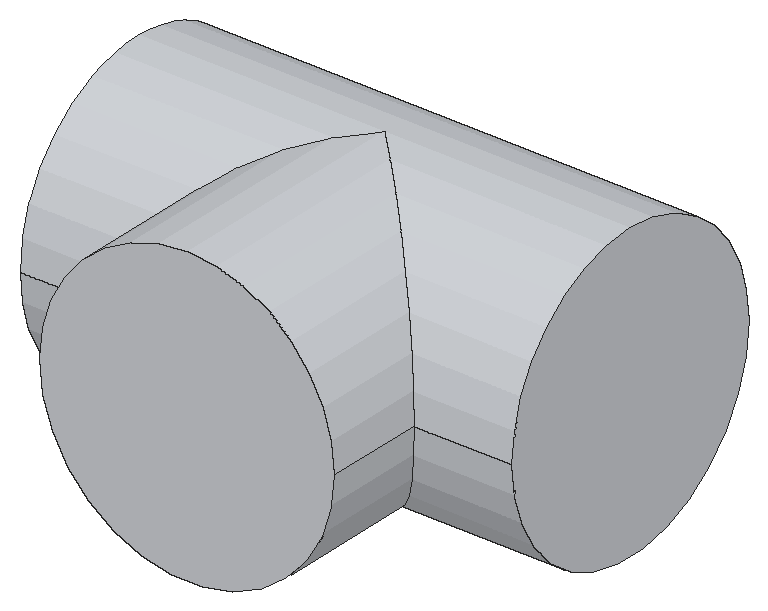
Revit family "15855e18c498454baba780d9d37511f9", category Pipe Fittings, Revit 2021
Family settings
  Round Connector Dimension = Use Radius
  Part Type = Tee
  OmniClass Number = 23.60.30.11.14
  OmniClass Title = Pipework Fittings
  Work Plane-Based = No
  Always vertical = Yes
  Cut with Voids When Loaded = No
  Shared = No
Parameters (values of type "Standard")
  Tick Size [instance] = Fitting Outside Diameter * 0.4  # 12.0000"
  Nominal Radius [instance] = 15.0000"
  Nominal Diameter [instance] = Nominal Radius * 2  # 30.0000"
  Loss Method = K Coefficient from Table
  Lookup Table Name = "Tee - BV - Stainless Steel - Fabricated"
  K Coefficient Table = "Tee"
  Fitting Outside Radius [instance] = Fitting Outside Diameter / 2  # 15.0000"
  Fitting Outside Diameter [instance] = size_lookup(Lookup Table Name, "FOD", Nominal Diameter, Nominal Diameter)  # 30.0000"
  Default Elevation = 0.00"
  Center to End Label [instance] = if(Center to End * tan(Angle 1 / 2) > Fitting Outside Radius, Center to End, Fitting Outside Radius / tan(Angle 1 / 2))  # 25.0000"
  Center to End [instance] = size_lookup(Lookup Table Name, "CtE", 0.63 * Nominal Diameter + 6.32", Nominal Diameter)  # 25.0000"
  Angle 1 [instance] = if(Angle > 90.00°, (180.00° - Angle), Angle)  # 90.00°
  Angle [instance] = 90.00°
Reference planes (in)
  plane 1 "Center (Front/Back)": y = 0
  plane 2: z = 0
  plane 3 "Center (Left/Right)": x = 0
  plane 4: x = -25
  plane 5: x = 25
  plane 6: y = -25
  plane 7: y = 12
  plane 8: y = -12
Forms (in)
  Extrusion 1, solid, detail levels fine
    sketch origin (0, 0, 0) x (0, 1, 0) y (0, 0, 1)
      loop
        circle (0, 0) r 15
    from -25 to 25
  Sweep 2, solid, detail levels fine
    path origin (0, 0, 0) x (1, 0, 0) y (0, 1, 0)
      loop
        line (0, 0) -> (0, -25)
    profile origin (0, -12.5, 0) x (1, 0, 0) y (0, 0, 1)
      loop
        circle (0, 0) r 15
Cuts and joins
  joined: Extrusion 1, Sweep 2
Lines and regions (in)
  model lines, detail levels coarse+medium
    curve 1: line (-25, 12, 0) -> (-25, -12, 0)
    curve 2: line (25, 12, 0) -> (25, -12, 0)
    curve 6: line (-12, -25, 0) -> (12, -25, 0)
  model lines, style "PipeFitting", detail levels coarse+medium
    curve 3: line (-25, 0, 0) -> (25, 0, 0)
    curve 5: line (0, 0, 0) -> (0, -25, 0)
  reference lines, not visible
    curve 4: line (0, 0, 0) -> (0, -25, 0)
Dimensions and locks (in)
  "Center to End Label": plane 4 to plane 3 "Center (Left/Right)"
  "Center to End Label": plane 3 "Center (Left/Right)" to plane 5
  "Center to End": plane 1 "Center (Front/Back)" to plane 6
  "Tick Size": plane 7 to plane 1 "Center (Front/Back)"
  "Tick Size": plane 8 to plane 1 "Center (Front/Back)"
  "Center to End Label": curve 4 to curve 4
  "Center to End Label": Sweep 2 sketch curve to Sweep 2 sketch curve
  "Center to End Label": curve 5 to curve 5
  "Tick Size": curve 4 to curve 6
  "Tick Size": curve 6 to curve 4
  "Fitting Outside Radius": radius of Extrusion 1 sketch curve
  "Fitting Outside Radius": radius of Sweep 2 sketch curve
  "Angle": angle curve 4 to plane 1 "Center (Front/Back)"
  "Angle": angle Sweep 2 sketch curve to plane 1 "Center (Front/Back)"
  "Angle": angle curve 5 to plane 1 "Center (Front/Back)"
  locked: curve 4 to curve 6 (angle 90.00°)
  aligned and locked: plane 2 to level
  aligned and locked: plane 4 to curve 3
  aligned and locked: plane 5 to curve 3
  aligned and locked: plane 1 "Center (Front/Back)" to curve 3
  aligned and locked: plane 7 to curve 2
  aligned and locked: plane 7 to curve 1
  aligned and locked: curve 1 to plane 8
  aligned and locked: plane 8 to curve 2
  aligned and locked: curve 2 to plane 5
  aligned and locked: curve 1 to plane 4
  aligned and locked: plane 1 "Center (Front/Back)" to Extrusion 1 sketch curve
  aligned and locked: plane 2 to Extrusion 1 sketch curve
  aligned and locked: Extrusion 1 to plane 4
  aligned and locked: plane 5 to Extrusion 1
  aligned and locked: plane 3 "Center (Left/Right)" to curve 4
  aligned and locked: plane 1 "Center (Front/Back)" to curve 4
  aligned and locked: plane 3 "Center (Left/Right)" to Sweep 2 sketch curve
  aligned and locked: plane 1 "Center (Front/Back)" to Sweep 2 sketch curve
  aligned and locked: plane 3 "Center (Left/Right)" to curve 5
  aligned and locked: curve 6 to curve 4
Automatic sketch dimensions
  Sweep 2 sketch curve to level = 0.00"
  Sweep 2 sketch curve to profile plane = 0.00"
Connectors (in)
  piping at (-25, 0, 0), diameter 30, driven by "Nominal Radius"
    settings: on Extrusion 1, index 1, connector inside diameter 30.0000", connector length 0.00", flow factor 0, pipe flow 0 GPM, pressure drop 0.00 psi, fitting loss kfactor 0, connector angle 0.00°, fixture units 0, engagement length 0.00", angle of deflection 0.00°, flow configuration 0, flow direction 0, fitting loss method 0, system type 28, joint type 0, gender type 0, connector reference index 2, connector utility 0, adjustable connector no, is connector primary yes, connector description ""
  piping at (25, 0, 0), diameter 30, driven by "Nominal Radius"
    settings: on Extrusion 1, index 2, connector inside diameter 30.0000", connector length 0.00", flow factor 0, pipe flow 0 GPM, pressure drop 0.00 psi, fitting loss kfactor 0, connector angle 0.00°, fixture units 0, engagement length 0.00", angle of deflection 0.00°, flow configuration 0, flow direction 0, fitting loss method 0, system type 28, joint type 0, gender type 0, connector reference index 1, connector utility 0, adjustable connector no, is connector primary no, connector description ""
  piping at (0, -25, 0), diameter 30, driven by "Angle", driven by "Nominal Radius"
    settings: on Sweep 2, index 3, connector inside diameter 30.0000", connector length 0.00", flow factor 0, pipe flow 0 GPM, pressure drop 0.00 psi, fitting loss kfactor 0, connector angle 90.00°, fixture units 0, engagement length 0.00", angle of deflection 0.00°, flow configuration 0, flow direction 0, fitting loss method 0, system type 28, joint type 0, gender type 0, connector reference index -1, connector utility 0, adjustable connector no, is connector primary no, connector description ""
